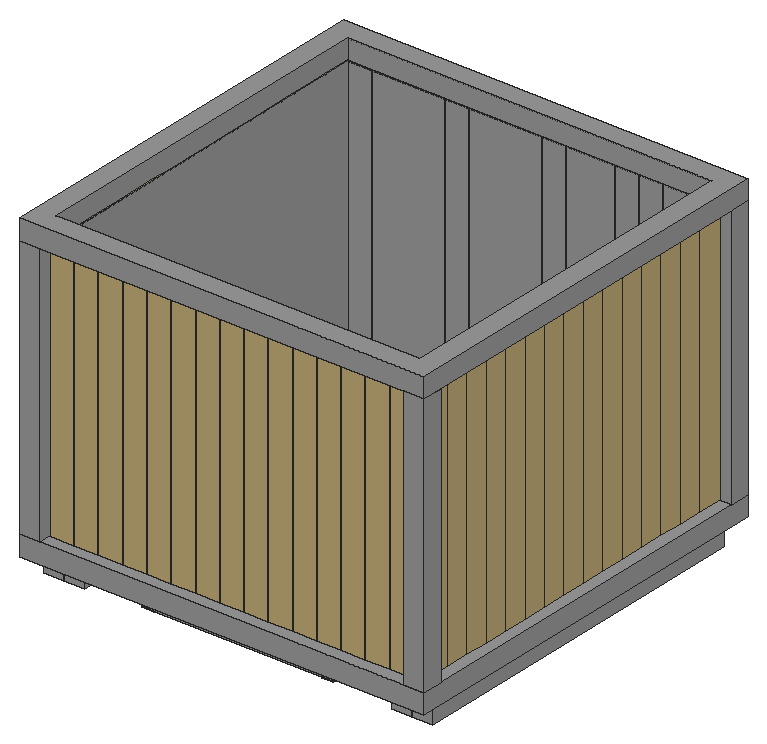
Revit family "L-FUC_식재대_YP-209_예건", category 일반 모델, Revit 2021
Family settings
  보강 철근 호스트 가능 = 아니오
  원형 커넥터 치수 = 지름 사용
  부품 유형 = 보통
  작업 기준면 기반 = 아니오
  항상 수직 = 예
  로드될 때 보이드를 사용하여 절단 = 아니오
  공유 = 아니오
  룸 계산 점 = 아니오
Parameters
  한국산업규격KS = ""
  조달청표준공사코드-세부공종 = ""
  기본 입면도 = 0 mm
  건설정보분류체계-부위분류 = "E988"
  LIM_INFO_주의사항 = "재배포, 재가공, 판매 금지"
  LIM_INFO_제품업체 = "예건"
  LIM_INFO_제품번호 = "YF-16"
  LIM_INFO_제품명 = "펜스_YF-16"
  LIM_INFO_제작일 = "20230315"
  LIM_INFO_재료 = "Hardwood, STL-pipe, STL-plate"
  LIM_INFO_업체정보 = ""
  LIM_INFO_업체URL = "https://yekun.com/"
  LIM_INFO_업체TEL = "(+82)31-943-6114"
  LIM_INFO_업체EMAIL = "yekun@yekun.com"
  LIM_INFO_버전 = "2023_V01"
  LIM_INFO_기타정보 = ""
  LIM_INFO_규격 = "W2000 x H1800"
  LIM_INFO_가격 = 0
  LIM_INFO_PV_포장재여부 = yes
  LIM_INFO_PV_면적 = 0.00 m²
  KBIMS_식별-버전 = ""
  KBIMS_식별-bSK등록번호 = ""
  KBIMS_보급정보-저작자 = "림인포테크_MMJ"
  KBIMS_보급정보-보급코드 = ""
Reference planes
  plane 1 "중심(앞/뒤)": y = 0
  plane 2: z = 0
  plane 3 "중심(왼쪽/오른쪽)": x = 0
Dimensions and locks
  aligned and locked: level to plane 2
Nested families
  nested 1: "YP-209_base" at (0, 0, 0), type "YP-209_base"
Definition of nested family "YP-209_base"
  Parameters (values of type "YP-209_base")
    Default Elevation = 0 mm
  Reference planes
    plane 1 "중심(앞/뒤)": y = 0
    plane 2: z = 0
    plane 3 "중심(왼쪽/오른쪽)": x = 0
  Forms (mm)
    Sweep 1, solid, not visible, detail levels fine
      path origin (0, 0, 0) x (1, 0, 0) y (0, 1, 0)
        loop
          circle (-1867.879, -167.062) r 568.25
      profile origin (-1867.879, 401.188, 0) x (0, -1, 0) y (0, 0, 1)
        loop
          circle (0, 0) r 28.75
        loop
          circle (0, 0) r 30.25
    Sweep 2, solid, not visible, detail levels coarse+medium
      path origin (0, 0, 0) x (1, 0, 0) y (0, 1, 0)
        loop
          circle (-1867.879, -167.062) r 568.25
      profile origin (-1867.879, 401.188, 0) x (0, -1, 0) y (0, 0, 1)
        loop
          line (26.465, -11.234) -> (26.657, 10.77) -> (11.234, 26.465) -> (-10.77, 26.657) -> (-26.465, 11.234) -> (-26.657, -10.77) -> (-11.234, -26.465) -> (10.77, -26.657) -> (26.465, -11.234)
        loop
          line (28.047, 11.332) -> (11.82, 27.845) -> (-11.332, 28.047) -> (-27.845, 11.82) -> (-28.047, -11.332) -> (-11.82, -27.845) -> (11.332, -28.047) -> (27.845, -11.82) -> (28.047, 11.332)
    Sweep 3, solid, not visible, detail levels fine
      path origin (0, 0, -1310.25) x (1, 0, 0) y (0, 1, 0)
        loop
          circle (-1867.879, -167.062) r 568.25
      profile origin (-1867.879, 401.188, -1310.25) x (0, -1, 0) y (0, 0, 1)
        loop
          circle (0, 1310.25) r 28.75
        loop
          circle (0, 1310.25) r 30.25
    Sweep 4, solid, not visible, detail levels coarse+medium
      path origin (0, 0, -1310.25) x (1, 0, 0) y (0, 1, 0)
        loop
          circle (-1867.879, -167.062) r 568.25
      profile origin (-1867.879, 401.188, -1310.25) x (0, -1, 0) y (0, 0, 1)
        loop
          line (26.465, 1299.016) -> (26.657, 1321.02) -> (11.234, 1336.715) -> (-10.77, 1336.907) -> (-26.465, 1321.484) -> (-26.657, 1299.48) -> (-11.234, 1283.785) -> (10.77, 1283.593) -> (26.465, 1299.016)
        loop
          line (28.047, 1321.582) -> (11.82, 1338.095) -> (-11.332, 1338.297) -> (-27.845, 1322.07) -> (-28.047, 1298.918) -> (-11.82, 1282.405) -> (11.332, 1282.203) -> (27.845, 1298.43) -> (28.047, 1321.582)
    Extrusion 5, solid, not visible
      sketch origin (0, 0, 0) x (1, 0, 0) y (0, 1, 0)
        loop
          line (-1678.243, -2480.024) -> (-1613.986, -2453.408)
          arc (-1613.986, -2453.408) -> (-1612.495, -2452.007) -> (-1612.304, -2449.969) r 2.893
          line (-1612.304, -2449.969) -> (-1622.315, -2413.562) -> (-1700.528, -2445.959) -> (-1681.864, -2478.781)
          arc (-1681.864, -2478.781) -> (-1680.288, -2480.087) -> (-1678.243, -2480.024) r 2.893
        loop
          line (-1517.968, -2394.568) -> (-1465.081, -2349.398)
          arc (-1465.081, -2349.398) -> (-1464.096, -2347.605) -> (-1464.544, -2345.608) r 2.893
          line (-1464.544, -2345.608) -> (-1485.315, -2314.077) -> (-1549.689, -2369.057) -> (-1521.796, -2394.505)
          arc (-1521.796, -2394.505) -> (-1519.893, -2395.26) -> (-1517.968, -2394.568) r 2.893
        loop
          line (-1391.945, -2263.766) -> (-1355.605, -2204.465)
          arc (-1355.605, -2204.465) -> (-1355.222, -2202.454) -> (-1356.265, -2200.694) r 2.893
          line (-1356.265, -2200.694) -> (-1385.763, -2177.125) -> (-1429.997, -2249.307) -> (-1395.605, -2264.89)
          arc (-1395.605, -2264.89) -> (-1393.562, -2265.02) -> (-1391.945, -2263.766) r 2.893
        loop
          line (-1312.509, -2100.424) -> (-1296.273, -2032.795)
          arc (-1296.273, -2032.795) -> (-1296.53, -2030.765) -> (-1298.067, -2029.413) r 2.893
          line (-1298.067, -2029.413) -> (-1333.404, -2016.112) -> (-1353.167, -2098.431) -> (-1315.643, -2102.623)
          arc (-1315.643, -2102.623) -> (-1313.66, -2102.116) -> (-1312.509, -2100.424) r 2.893
        loop
          line (-1287.437, -1920.529) -> (-1292.894, -1851.193)
          arc (-1292.894, -1851.193) -> (-1293.766, -1849.341) -> (-1295.645, -1848.53) r 2.893
          line (-1295.645, -1848.53) -> (-1333.364, -1846.801) -> (-1326.722, -1931.197) -> (-1289.738, -1923.589)
          arc (-1289.738, -1923.589) -> (-1288.009, -1922.494) -> (-1287.437, -1920.529) r 2.893
        loop
          line (-1319.183, -1741.691) -> (-1345.799, -1677.435)
          arc (-1345.799, -1677.435) -> (-1347.201, -1675.943) -> (-1349.238, -1675.753) r 2.893
          line (-1349.238, -1675.753) -> (-1385.645, -1685.763) -> (-1353.248, -1763.977) -> (-1320.426, -1745.312)
          arc (-1320.426, -1745.312) -> (-1319.12, -1743.736) -> (-1319.183, -1741.691) r 2.893
        loop
          line (-1404.64, -1581.416) -> (-1449.809, -1528.529)
          arc (-1449.809, -1528.529) -> (-1451.603, -1527.544) -> (-1453.6, -1527.992) r 2.893
          line (-1453.6, -1527.992) -> (-1485.131, -1548.764) -> (-1430.15, -1613.138) -> (-1404.702, -1585.244)
          arc (-1404.702, -1585.244) -> (-1403.947, -1583.342) -> (-1404.64, -1581.416) r 2.893
        loop
          line (-1535.441, -1455.393) -> (-1594.742, -1419.053)
          arc (-1594.742, -1419.053) -> (-1596.753, -1418.67) -> (-1598.513, -1419.714) r 2.893
          line (-1598.513, -1419.714) -> (-1622.083, -1449.212) -> (-1549.9, -1493.445) -> (-1534.317, -1459.053)
          arc (-1534.317, -1459.053) -> (-1534.187, -1457.01) -> (-1535.441, -1455.393) r 2.893
        loop
          line (-1698.784, -1375.958) -> (-1766.412, -1359.721)
          arc (-1766.412, -1359.721) -> (-1768.443, -1359.978) -> (-1769.795, -1361.515) r 2.893
          line (-1769.795, -1361.515) -> (-1783.095, -1396.853) -> (-1700.777, -1416.616) -> (-1696.584, -1379.091)
          arc (-1696.584, -1379.091) -> (-1697.091, -1377.108) -> (-1698.784, -1375.958) r 2.893
        loop
          line (-1878.679, -1350.886) -> (-1948.015, -1356.343)
          arc (-1948.015, -1356.343) -> (-1949.866, -1357.215) -> (-1950.677, -1359.094) r 2.893
          line (-1950.677, -1359.094) -> (-1952.406, -1396.812) -> (-1868.01, -1390.17) -> (-1875.618, -1353.187)
          arc (-1875.618, -1353.187) -> (-1876.713, -1351.457) -> (-1878.679, -1350.886) r 2.893
        loop
          line (-2057.516, -1382.632) -> (-2121.773, -1409.247)
          arc (-2121.773, -1409.247) -> (-2123.264, -1410.649) -> (-2123.455, -1412.687) r 2.893
          line (-2123.455, -1412.687) -> (-2113.444, -1449.093) -> (-2035.231, -1416.696) -> (-2053.895, -1383.874)
          arc (-2053.895, -1383.874) -> (-2055.471, -1382.568) -> (-2057.516, -1382.632) r 2.893
        loop
          line (-2217.791, -1468.088) -> (-2270.678, -1513.257)
          arc (-2270.678, -1513.257) -> (-2271.663, -1515.051) -> (-2271.215, -1517.048) r 2.893
          line (-2271.215, -1517.048) -> (-2250.444, -1548.579) -> (-2186.07, -1493.598) -> (-2213.963, -1468.15)
          arc (-2213.963, -1468.15) -> (-2215.865, -1467.395) -> (-2217.791, -1468.088) r 2.893
        loop
          line (-2343.814, -1598.889) -> (-2380.154, -1658.191)
          arc (-2380.154, -1658.191) -> (-2380.537, -1660.201) -> (-2379.494, -1661.962) r 2.893
          line (-2379.494, -1661.962) -> (-2349.996, -1685.531) -> (-2305.762, -1613.349) -> (-2340.154, -1597.766)
          arc (-2340.154, -1597.766) -> (-2342.197, -1597.635) -> (-2343.814, -1598.889) r 2.893
        loop
          line (-2437.692, -1833.243) -> (-2402.355, -1846.543) -> (-2382.592, -1764.225) -> (-2420.116, -1760.032)
          arc (-2420.116, -1760.032) -> (-2422.099, -1760.539) -> (-2423.25, -1762.232) r 2.893
          line (-2423.25, -1762.232) -> (-2439.486, -1829.861)
          arc (-2439.486, -1829.861) -> (-2439.229, -1831.891) -> (-2437.692, -1833.243) r 2.893
        loop
          line (-2440.113, -2014.125) -> (-2402.395, -2015.855) -> (-2409.037, -1931.458) -> (-2446.021, -1939.067)
          arc (-2446.021, -1939.067) -> (-2447.75, -1940.162) -> (-2448.322, -1942.127) r 2.893
          line (-2448.322, -1942.127) -> (-2442.865, -2011.463)
          arc (-2442.865, -2011.463) -> (-2441.993, -2013.314) -> (-2440.113, -2014.125) r 2.893
        loop
          line (-2386.521, -2186.903) -> (-2350.114, -2176.892) -> (-2382.511, -2098.679) -> (-2415.333, -2117.343)
          arc (-2415.333, -2117.343) -> (-2416.639, -2118.919) -> (-2416.576, -2120.965) r 2.893
          line (-2416.576, -2120.965) -> (-2389.96, -2185.221)
          arc (-2389.96, -2185.221) -> (-2388.558, -2186.712) -> (-2386.521, -2186.903) r 2.893
        loop
          line (-2282.159, -2334.663) -> (-2250.628, -2313.892) -> (-2305.609, -2249.518) -> (-2331.057, -2277.412)
          arc (-2331.057, -2277.412) -> (-2331.812, -2279.314) -> (-2331.119, -2281.24) r 2.893
          line (-2331.119, -2281.24) -> (-2285.95, -2334.126)
          arc (-2285.95, -2334.126) -> (-2284.156, -2335.112) -> (-2282.159, -2334.663) r 2.893
        loop
          line (-2137.246, -2442.942) -> (-2113.676, -2413.444) -> (-2185.859, -2369.21) -> (-2201.441, -2403.603)
          arc (-2201.441, -2403.603) -> (-2201.572, -2405.645) -> (-2200.318, -2407.263) r 2.893
          line (-2200.318, -2407.263) -> (-2141.017, -2443.603)
          arc (-2141.017, -2443.603) -> (-2139.006, -2443.986) -> (-2137.246, -2442.942) r 2.893
        loop
          line (-1965.964, -2501.141) -> (-1952.664, -2465.803) -> (-2034.982, -2446.04) -> (-2039.175, -2483.564)
          arc (-2039.175, -2483.564) -> (-2038.668, -2485.547) -> (-2036.975, -2486.698) r 2.893
          line (-2036.975, -2486.698) -> (-1969.347, -2502.934)
          arc (-1969.347, -2502.934) -> (-1967.316, -2502.677) -> (-1965.964, -2501.141) r 2.893
        loop
          line (-1785.082, -2503.562) -> (-1783.353, -2465.844) -> (-1867.749, -2472.486) -> (-1860.141, -2509.469)
          arc (-1860.141, -2509.469) -> (-1859.046, -2511.198) -> (-1857.08, -2511.77) r 2.893
          line (-1857.08, -2511.77) -> (-1787.744, -2506.313)
          arc (-1787.744, -2506.313) -> (-1785.893, -2505.441) -> (-1785.082, -2503.562) r 2.893
      from 0 to 680
    Extrusion 6, solid, not visible
      sketch origin (-326.184, 269.167, 0) x (0.987613, 0.156911, 0) y (-0.156911, 0.987613, 0)
        loop
          line (-1678.243, -2480.024) -> (-1613.986, -2453.408)
          arc (-1613.986, -2453.408) -> (-1612.495, -2452.007) -> (-1612.304, -2449.969) r 2.893
          line (-1612.304, -2449.969) -> (-1622.315, -2413.562) -> (-1700.528, -2445.959) -> (-1681.864, -2478.781)
          arc (-1681.864, -2478.781) -> (-1680.288, -2480.087) -> (-1678.243, -2480.024) r 2.893
        loop
          line (-1517.968, -2394.568) -> (-1465.081, -2349.398)
          arc (-1465.081, -2349.398) -> (-1464.096, -2347.605) -> (-1464.544, -2345.608) r 2.893
          line (-1464.544, -2345.608) -> (-1485.315, -2314.077) -> (-1549.689, -2369.057) -> (-1521.796, -2394.505)
          arc (-1521.796, -2394.505) -> (-1519.893, -2395.26) -> (-1517.968, -2394.568) r 2.893
        loop
          line (-1391.945, -2263.766) -> (-1355.605, -2204.465)
          arc (-1355.605, -2204.465) -> (-1355.222, -2202.454) -> (-1356.265, -2200.694) r 2.893
          line (-1356.265, -2200.694) -> (-1385.763, -2177.125) -> (-1429.997, -2249.307) -> (-1395.605, -2264.89)
          arc (-1395.605, -2264.89) -> (-1393.562, -2265.02) -> (-1391.945, -2263.766) r 2.893
        loop
          line (-1312.509, -2100.424) -> (-1296.273, -2032.795)
          arc (-1296.273, -2032.795) -> (-1296.53, -2030.765) -> (-1298.067, -2029.413) r 2.893
          line (-1298.067, -2029.413) -> (-1333.404, -2016.112) -> (-1353.167, -2098.431) -> (-1315.643, -2102.623)
          arc (-1315.643, -2102.623) -> (-1313.66, -2102.116) -> (-1312.509, -2100.424) r 2.893
        loop
          line (-1287.437, -1920.529) -> (-1292.894, -1851.193)
          arc (-1292.894, -1851.193) -> (-1293.766, -1849.341) -> (-1295.645, -1848.53) r 2.893
          line (-1295.645, -1848.53) -> (-1333.364, -1846.801) -> (-1326.722, -1931.197) -> (-1289.738, -1923.589)
          arc (-1289.738, -1923.589) -> (-1288.009, -1922.494) -> (-1287.437, -1920.529) r 2.893
        loop
          line (-1319.183, -1741.691) -> (-1345.799, -1677.435)
          arc (-1345.799, -1677.435) -> (-1347.201, -1675.943) -> (-1349.238, -1675.753) r 2.893
          line (-1349.238, -1675.753) -> (-1385.645, -1685.763) -> (-1353.248, -1763.977) -> (-1320.426, -1745.312)
          arc (-1320.426, -1745.312) -> (-1319.12, -1743.736) -> (-1319.183, -1741.691) r 2.893
        loop
          line (-1404.64, -1581.416) -> (-1449.809, -1528.529)
          arc (-1449.809, -1528.529) -> (-1451.603, -1527.544) -> (-1453.6, -1527.992) r 2.893
          line (-1453.6, -1527.992) -> (-1485.131, -1548.764) -> (-1430.15, -1613.138) -> (-1404.702, -1585.244)
          arc (-1404.702, -1585.244) -> (-1403.947, -1583.342) -> (-1404.64, -1581.416) r 2.893
        loop
          line (-1535.441, -1455.393) -> (-1594.742, -1419.053)
          arc (-1594.742, -1419.053) -> (-1596.753, -1418.67) -> (-1598.513, -1419.714) r 2.893
          line (-1598.513, -1419.714) -> (-1622.083, -1449.212) -> (-1549.9, -1493.445) -> (-1534.317, -1459.053)
          arc (-1534.317, -1459.053) -> (-1534.187, -1457.01) -> (-1535.441, -1455.393) r 2.893
        loop
          line (-1698.784, -1375.958) -> (-1766.412, -1359.721)
          arc (-1766.412, -1359.721) -> (-1768.443, -1359.978) -> (-1769.795, -1361.515) r 2.893
          line (-1769.795, -1361.515) -> (-1783.095, -1396.853) -> (-1700.777, -1416.616) -> (-1696.584, -1379.091)
          arc (-1696.584, -1379.091) -> (-1697.091, -1377.108) -> (-1698.784, -1375.958) r 2.893
        loop
          line (-1878.679, -1350.886) -> (-1948.015, -1356.343)
          arc (-1948.015, -1356.343) -> (-1949.866, -1357.215) -> (-1950.677, -1359.094) r 2.893
          line (-1950.677, -1359.094) -> (-1952.406, -1396.812) -> (-1868.01, -1390.17) -> (-1875.618, -1353.187)
          arc (-1875.618, -1353.187) -> (-1876.713, -1351.457) -> (-1878.679, -1350.886) r 2.893
        loop
          line (-2057.516, -1382.632) -> (-2121.773, -1409.247)
          arc (-2121.773, -1409.247) -> (-2123.264, -1410.649) -> (-2123.455, -1412.687) r 2.893
          line (-2123.455, -1412.687) -> (-2113.444, -1449.093) -> (-2035.231, -1416.696) -> (-2053.895, -1383.874)
          arc (-2053.895, -1383.874) -> (-2055.471, -1382.568) -> (-2057.516, -1382.632) r 2.893
        loop
          line (-2217.791, -1468.088) -> (-2270.678, -1513.257)
          arc (-2270.678, -1513.257) -> (-2271.663, -1515.051) -> (-2271.215, -1517.048) r 2.893
          line (-2271.215, -1517.048) -> (-2250.444, -1548.579) -> (-2186.07, -1493.598) -> (-2213.963, -1468.15)
          arc (-2213.963, -1468.15) -> (-2215.865, -1467.395) -> (-2217.791, -1468.088) r 2.893
        loop
          line (-2343.814, -1598.889) -> (-2380.154, -1658.191)
          arc (-2380.154, -1658.191) -> (-2380.537, -1660.201) -> (-2379.494, -1661.962) r 2.893
          line (-2379.494, -1661.962) -> (-2349.996, -1685.531) -> (-2305.762, -1613.349) -> (-2340.154, -1597.766)
          arc (-2340.154, -1597.766) -> (-2342.197, -1597.635) -> (-2343.814, -1598.889) r 2.893
        loop
          line (-2437.692, -1833.243) -> (-2402.355, -1846.543) -> (-2382.592, -1764.225) -> (-2420.116, -1760.032)
          arc (-2420.116, -1760.032) -> (-2422.099, -1760.539) -> (-2423.25, -1762.232) r 2.893
          line (-2423.25, -1762.232) -> (-2439.486, -1829.861)
          arc (-2439.486, -1829.861) -> (-2439.229, -1831.891) -> (-2437.692, -1833.243) r 2.893
        loop
          line (-2440.113, -2014.125) -> (-2402.395, -2015.855) -> (-2409.037, -1931.458) -> (-2446.021, -1939.067)
          arc (-2446.021, -1939.067) -> (-2447.75, -1940.162) -> (-2448.322, -1942.127) r 2.893
          line (-2448.322, -1942.127) -> (-2442.865, -2011.463)
          arc (-2442.865, -2011.463) -> (-2441.993, -2013.314) -> (-2440.113, -2014.125) r 2.893
        loop
          line (-2386.521, -2186.903) -> (-2350.114, -2176.892) -> (-2382.511, -2098.679) -> (-2415.333, -2117.343)
          arc (-2415.333, -2117.343) -> (-2416.639, -2118.919) -> (-2416.576, -2120.965) r 2.893
          line (-2416.576, -2120.965) -> (-2389.96, -2185.221)
          arc (-2389.96, -2185.221) -> (-2388.558, -2186.712) -> (-2386.521, -2186.903) r 2.893
        loop
          line (-2282.159, -2334.663) -> (-2250.628, -2313.892) -> (-2305.609, -2249.518) -> (-2331.057, -2277.412)
          arc (-2331.057, -2277.412) -> (-2331.812, -2279.314) -> (-2331.119, -2281.24) r 2.893
          line (-2331.119, -2281.24) -> (-2285.95, -2334.126)
          arc (-2285.95, -2334.126) -> (-2284.156, -2335.112) -> (-2282.159, -2334.663) r 2.893
        loop
          line (-2137.246, -2442.942) -> (-2113.676, -2413.444) -> (-2185.859, -2369.21) -> (-2201.441, -2403.603)
          arc (-2201.441, -2403.603) -> (-2201.572, -2405.645) -> (-2200.318, -2407.263) r 2.893
          line (-2200.318, -2407.263) -> (-2141.017, -2443.603)
          arc (-2141.017, -2443.603) -> (-2139.006, -2443.986) -> (-2137.246, -2442.942) r 2.893
        loop
          line (-1965.964, -2501.141) -> (-1952.664, -2465.803) -> (-2034.982, -2446.04) -> (-2039.175, -2483.564)
          arc (-2039.175, -2483.564) -> (-2038.668, -2485.547) -> (-2036.975, -2486.698) r 2.893
          line (-2036.975, -2486.698) -> (-1969.347, -2502.934)
          arc (-1969.347, -2502.934) -> (-1967.316, -2502.677) -> (-1965.964, -2501.141) r 2.893
        loop
          line (-1785.082, -2503.562) -> (-1783.353, -2465.844) -> (-1867.749, -2472.486) -> (-1860.141, -2509.469)
          arc (-1860.141, -2509.469) -> (-1859.046, -2511.198) -> (-1857.08, -2511.77) r 2.893
          line (-1857.08, -2511.77) -> (-1787.744, -2506.313)
          arc (-1787.744, -2506.313) -> (-1785.893, -2505.441) -> (-1785.082, -2503.562) r 2.893
      from 0 to 680
    Extrusion 7, solid, not visible
      sketch origin (0, 0, 0) x (1, 0, 0) y (0, 1, 0)
        loop
          circle (-1867.879, -1931.328) r 537.5
        loop
          circle (-1867.879, -1931.328) r 539.5
      from 0 to 794.31
    Sweep 8, solid, not visible, detail levels fine
      path origin (0, -1764.266, -542.405) x (1, 0, 0) y (0, 1, 0)
        loop
          circle (-1867.879, -167.062) r 568.25
      profile origin (-1867.879, -1363.078, -542.405) x (0, -1, 0) y (0, 0, 1)
        loop
          circle (0, 1310.25) r 28.75
        loop
          circle (0, 1310.25) r 30.25
    Sweep 9, solid, not visible, detail levels coarse+medium
      path origin (0, -1764.266, -542.405) x (1, 0, 0) y (0, 1, 0)
        loop
          circle (-1867.879, -167.062) r 568.25
      profile origin (-1867.879, -1363.078, -542.405) x (0, -1, 0) y (0, 0, 1)
        loop
          line (26.465, 1299.016) -> (26.657, 1321.02) -> (11.234, 1336.715) -> (-10.77, 1336.907) -> (-26.465, 1321.484) -> (-26.657, 1299.48) -> (-11.234, 1283.785) -> (10.77, 1283.593) -> (26.465, 1299.016)
        loop
          line (28.047, 1321.582) -> (11.82, 1338.095) -> (-11.332, 1338.297) -> (-27.845, 1322.07) -> (-28.047, 1298.918) -> (-11.82, 1282.405) -> (11.332, 1282.203) -> (27.845, 1298.43) -> (28.047, 1321.582)
    Sweep 10, solid, not visible, detail levels fine
      path origin (0, -1764.266, -1278.297) x (1, 0, 0) y (0, 1, 0)
        loop
          circle (-1867.879, -167.062) r 568.25
      profile origin (-1867.879, -1363.078, -1278.297) x (0, -1, 0) y (0, 0, 1)
        loop
          circle (0, 1310.25) r 28.75
        loop
          circle (0, 1310.25) r 30.25
    Sweep 11, solid, not visible, detail levels coarse+medium
      path origin (0, -1764.266, -1278.297) x (1, 0, 0) y (0, 1, 0)
        loop
          circle (-1867.879, -167.062) r 568.25
      profile origin (-1867.879, -1363.078, -1278.297) x (0, -1, 0) y (0, 0, 1)
        loop
          line (26.465, 1299.016) -> (26.657, 1321.02) -> (11.234, 1336.715) -> (-10.77, 1336.907) -> (-26.465, 1321.484) -> (-26.657, 1299.48) -> (-11.234, 1283.785) -> (10.77, 1283.593) -> (26.465, 1299.016)
        loop
          line (28.047, 1321.582) -> (11.82, 1338.095) -> (-11.332, 1338.297) -> (-27.845, 1322.07) -> (-28.047, 1298.918) -> (-11.82, 1282.405) -> (11.332, 1282.203) -> (27.845, 1298.43) -> (28.047, 1321.582)
    Extrusion 12, solid, not visible
      sketch origin (0, 0, 60) x (1, 0, 0) y (0, 1, 0)
        loop
          line (-1678.243, -2480.024) -> (-1613.986, -2453.408)
          arc (-1613.986, -2453.408) -> (-1612.495, -2452.007) -> (-1612.304, -2449.969) r 2.893
          line (-1612.304, -2449.969) -> (-1622.315, -2413.562) -> (-1700.528, -2445.959) -> (-1681.864, -2478.781)
          arc (-1681.864, -2478.781) -> (-1680.288, -2480.087) -> (-1678.243, -2480.024) r 2.893
        loop
          line (-1517.968, -2394.568) -> (-1465.081, -2349.398)
          arc (-1465.081, -2349.398) -> (-1464.096, -2347.605) -> (-1464.544, -2345.608) r 2.893
          line (-1464.544, -2345.608) -> (-1485.315, -2314.077) -> (-1549.689, -2369.057) -> (-1521.796, -2394.505)
          arc (-1521.796, -2394.505) -> (-1519.893, -2395.26) -> (-1517.968, -2394.568) r 2.893
        loop
          line (-1391.945, -2263.766) -> (-1355.605, -2204.465)
          arc (-1355.605, -2204.465) -> (-1355.222, -2202.454) -> (-1356.265, -2200.694) r 2.893
          line (-1356.265, -2200.694) -> (-1385.763, -2177.125) -> (-1429.997, -2249.307) -> (-1395.605, -2264.89)
          arc (-1395.605, -2264.89) -> (-1393.562, -2265.02) -> (-1391.945, -2263.766) r 2.893
        loop
          line (-1312.509, -2100.424) -> (-1296.273, -2032.795)
          arc (-1296.273, -2032.795) -> (-1296.53, -2030.765) -> (-1298.067, -2029.413) r 2.893
          line (-1298.067, -2029.413) -> (-1333.404, -2016.112) -> (-1353.167, -2098.431) -> (-1315.643, -2102.623)
          arc (-1315.643, -2102.623) -> (-1313.66, -2102.116) -> (-1312.509, -2100.424) r 2.893
        loop
          line (-1287.437, -1920.529) -> (-1292.894, -1851.193)
          arc (-1292.894, -1851.193) -> (-1293.766, -1849.341) -> (-1295.645, -1848.53) r 2.893
          line (-1295.645, -1848.53) -> (-1333.364, -1846.801) -> (-1326.722, -1931.197) -> (-1289.738, -1923.589)
          arc (-1289.738, -1923.589) -> (-1288.009, -1922.494) -> (-1287.437, -1920.529) r 2.893
        loop
          line (-1319.183, -1741.691) -> (-1345.799, -1677.435)
          arc (-1345.799, -1677.435) -> (-1347.201, -1675.943) -> (-1349.238, -1675.753) r 2.893
          line (-1349.238, -1675.753) -> (-1385.645, -1685.763) -> (-1353.248, -1763.977) -> (-1320.426, -1745.312)
          arc (-1320.426, -1745.312) -> (-1319.12, -1743.736) -> (-1319.183, -1741.691) r 2.893
        loop
          line (-1404.64, -1581.416) -> (-1449.809, -1528.529)
          arc (-1449.809, -1528.529) -> (-1451.603, -1527.544) -> (-1453.6, -1527.992) r 2.893
          line (-1453.6, -1527.992) -> (-1485.131, -1548.764) -> (-1430.15, -1613.138) -> (-1404.702, -1585.244)
          arc (-1404.702, -1585.244) -> (-1403.947, -1583.342) -> (-1404.64, -1581.416) r 2.893
        loop
          line (-1535.441, -1455.393) -> (-1594.742, -1419.053)
          arc (-1594.742, -1419.053) -> (-1596.753, -1418.67) -> (-1598.513, -1419.714) r 2.893
          line (-1598.513, -1419.714) -> (-1622.083, -1449.212) -> (-1549.9, -1493.445) -> (-1534.317, -1459.053)
          arc (-1534.317, -1459.053) -> (-1534.187, -1457.01) -> (-1535.441, -1455.393) r 2.893
        loop
          line (-1698.784, -1375.958) -> (-1766.412, -1359.721)
          arc (-1766.412, -1359.721) -> (-1768.443, -1359.978) -> (-1769.795, -1361.515) r 2.893
          line (-1769.795, -1361.515) -> (-1783.095, -1396.853) -> (-1700.777, -1416.616) -> (-1696.584, -1379.091)
          arc (-1696.584, -1379.091) -> (-1697.091, -1377.108) -> (-1698.784, -1375.958) r 2.893
        loop
          line (-1878.679, -1350.886) -> (-1948.015, -1356.343)
          arc (-1948.015, -1356.343) -> (-1949.866, -1357.215) -> (-1950.677, -1359.094) r 2.893
          line (-1950.677, -1359.094) -> (-1952.406, -1396.812) -> (-1868.01, -1390.17) -> (-1875.618, -1353.187)
          arc (-1875.618, -1353.187) -> (-1876.713, -1351.457) -> (-1878.679, -1350.886) r 2.893
        loop
          line (-2057.516, -1382.632) -> (-2121.773, -1409.247)
          arc (-2121.773, -1409.247) -> (-2123.264, -1410.649) -> (-2123.455, -1412.687) r 2.893
          line (-2123.455, -1412.687) -> (-2113.444, -1449.093) -> (-2035.231, -1416.696) -> (-2053.895, -1383.874)
          arc (-2053.895, -1383.874) -> (-2055.471, -1382.568) -> (-2057.516, -1382.632) r 2.893
        loop
          line (-2217.791, -1468.088) -> (-2270.678, -1513.257)
          arc (-2270.678, -1513.257) -> (-2271.663, -1515.051) -> (-2271.215, -1517.048) r 2.893
          line (-2271.215, -1517.048) -> (-2250.444, -1548.579) -> (-2186.07, -1493.598) -> (-2213.963, -1468.15)
          arc (-2213.963, -1468.15) -> (-2215.865, -1467.395) -> (-2217.791, -1468.088) r 2.893
        loop
          line (-2343.814, -1598.889) -> (-2380.154, -1658.191)
          arc (-2380.154, -1658.191) -> (-2380.537, -1660.201) -> (-2379.494, -1661.962) r 2.893
          line (-2379.494, -1661.962) -> (-2349.996, -1685.531) -> (-2305.762, -1613.349) -> (-2340.154, -1597.766)
          arc (-2340.154, -1597.766) -> (-2342.197, -1597.635) -> (-2343.814, -1598.889) r 2.893
        loop
          line (-2437.692, -1833.243) -> (-2402.355, -1846.543) -> (-2382.592, -1764.225) -> (-2420.116, -1760.032)
          arc (-2420.116, -1760.032) -> (-2422.099, -1760.539) -> (-2423.25, -1762.232) r 2.893
          line (-2423.25, -1762.232) -> (-2439.486, -1829.861)
          arc (-2439.486, -1829.861) -> (-2439.229, -1831.891) -> (-2437.692, -1833.243) r 2.893
        loop
          line (-2440.113, -2014.125) -> (-2402.395, -2015.855) -> (-2409.037, -1931.458) -> (-2446.021, -1939.067)
          arc (-2446.021, -1939.067) -> (-2447.75, -1940.162) -> (-2448.322, -1942.127) r 2.893
          line (-2448.322, -1942.127) -> (-2442.865, -2011.463)
          arc (-2442.865, -2011.463) -> (-2441.993, -2013.314) -> (-2440.113, -2014.125) r 2.893
        loop
          line (-2386.521, -2186.903) -> (-2350.114, -2176.892) -> (-2382.511, -2098.679) -> (-2415.333, -2117.343)
          arc (-2415.333, -2117.343) -> (-2416.639, -2118.919) -> (-2416.576, -2120.965) r 2.893
          line (-2416.576, -2120.965) -> (-2389.96, -2185.221)
          arc (-2389.96, -2185.221) -> (-2388.558, -2186.712) -> (-2386.521, -2186.903) r 2.893
        loop
          line (-2282.159, -2334.663) -> (-2250.628, -2313.892) -> (-2305.609, -2249.518) -> (-2331.057, -2277.412)
          arc (-2331.057, -2277.412) -> (-2331.812, -2279.314) -> (-2331.119, -2281.24) r 2.893
          line (-2331.119, -2281.24) -> (-2285.95, -2334.126)
          arc (-2285.95, -2334.126) -> (-2284.156, -2335.112) -> (-2282.159, -2334.663) r 2.893
        loop
          line (-2137.246, -2442.942) -> (-2113.676, -2413.444) -> (-2185.859, -2369.21) -> (-2201.441, -2403.603)
          arc (-2201.441, -2403.603) -> (-2201.572, -2405.645) -> (-2200.318, -2407.263) r 2.893
          line (-2200.318, -2407.263) -> (-2141.017, -2443.603)
          arc (-2141.017, -2443.603) -> (-2139.006, -2443.986) -> (-2137.246, -2442.942) r 2.893
        loop
          line (-1965.964, -2501.141) -> (-1952.664, -2465.803) -> (-2034.982, -2446.04) -> (-2039.175, -2483.564)
          arc (-2039.175, -2483.564) -> (-2038.668, -2485.547) -> (-2036.975, -2486.698) r 2.893
          line (-2036.975, -2486.698) -> (-1969.347, -2502.934)
          arc (-1969.347, -2502.934) -> (-1967.316, -2502.677) -> (-1965.964, -2501.141) r 2.893
        loop
          line (-1785.082, -2503.562) -> (-1783.353, -2465.844) -> (-1867.749, -2472.486) -> (-1860.141, -2509.469)
          arc (-1860.141, -2509.469) -> (-1859.046, -2511.198) -> (-1857.08, -2511.77) r 2.893
          line (-1857.08, -2511.77) -> (-1787.744, -2506.313)
          arc (-1787.744, -2506.313) -> (-1785.893, -2505.441) -> (-1785.082, -2503.562) r 2.893
      from 0 to 680
    Extrusion 13, solid, not visible
      sketch origin (-326.184, 269.167, 60) x (0.987613, 0.156911, 0) y (-0.156911, 0.987613, 0)
        loop
          line (-1678.243, -2480.024) -> (-1613.986, -2453.408)
          arc (-1613.986, -2453.408) -> (-1612.495, -2452.007) -> (-1612.304, -2449.969) r 2.893
          line (-1612.304, -2449.969) -> (-1622.315, -2413.562) -> (-1700.528, -2445.959) -> (-1681.864, -2478.781)
          arc (-1681.864, -2478.781) -> (-1680.288, -2480.087) -> (-1678.243, -2480.024) r 2.893
        loop
          line (-1517.968, -2394.568) -> (-1465.081, -2349.398)
          arc (-1465.081, -2349.398) -> (-1464.096, -2347.605) -> (-1464.544, -2345.608) r 2.893
          line (-1464.544, -2345.608) -> (-1485.315, -2314.077) -> (-1549.689, -2369.057) -> (-1521.796, -2394.505)
          arc (-1521.796, -2394.505) -> (-1519.893, -2395.26) -> (-1517.968, -2394.568) r 2.893
        loop
          line (-1391.945, -2263.766) -> (-1355.605, -2204.465)
          arc (-1355.605, -2204.465) -> (-1355.222, -2202.454) -> (-1356.265, -2200.694) r 2.893
          line (-1356.265, -2200.694) -> (-1385.763, -2177.125) -> (-1429.997, -2249.307) -> (-1395.605, -2264.89)
          arc (-1395.605, -2264.89) -> (-1393.562, -2265.02) -> (-1391.945, -2263.766) r 2.893
        loop
          line (-1312.509, -2100.424) -> (-1296.273, -2032.795)
          arc (-1296.273, -2032.795) -> (-1296.53, -2030.765) -> (-1298.067, -2029.413) r 2.893
          line (-1298.067, -2029.413) -> (-1333.404, -2016.112) -> (-1353.167, -2098.431) -> (-1315.643, -2102.623)
          arc (-1315.643, -2102.623) -> (-1313.66, -2102.116) -> (-1312.509, -2100.424) r 2.893
        loop
          line (-1287.437, -1920.529) -> (-1292.894, -1851.193)
          arc (-1292.894, -1851.193) -> (-1293.766, -1849.341) -> (-1295.645, -1848.53) r 2.893
          line (-1295.645, -1848.53) -> (-1333.364, -1846.801) -> (-1326.722, -1931.197) -> (-1289.738, -1923.589)
          arc (-1289.738, -1923.589) -> (-1288.009, -1922.494) -> (-1287.437, -1920.529) r 2.893
        loop
          line (-1319.183, -1741.691) -> (-1345.799, -1677.435)
          arc (-1345.799, -1677.435) -> (-1347.201, -1675.943) -> (-1349.238, -1675.753) r 2.893
          line (-1349.238, -1675.753) -> (-1385.645, -1685.763) -> (-1353.248, -1763.977) -> (-1320.426, -1745.312)
          arc (-1320.426, -1745.312) -> (-1319.12, -1743.736) -> (-1319.183, -1741.691) r 2.893
        loop
          line (-1404.64, -1581.416) -> (-1449.809, -1528.529)
          arc (-1449.809, -1528.529) -> (-1451.603, -1527.544) -> (-1453.6, -1527.992) r 2.893
          line (-1453.6, -1527.992) -> (-1485.131, -1548.764) -> (-1430.15, -1613.138) -> (-1404.702, -1585.244)
          arc (-1404.702, -1585.244) -> (-1403.947, -1583.342) -> (-1404.64, -1581.416) r 2.893
        loop
          line (-1535.441, -1455.393) -> (-1594.742, -1419.053)
          arc (-1594.742, -1419.053) -> (-1596.753, -1418.67) -> (-1598.513, -1419.714) r 2.893
          line (-1598.513, -1419.714) -> (-1622.083, -1449.212) -> (-1549.9, -1493.445) -> (-1534.317, -1459.053)
          arc (-1534.317, -1459.053) -> (-1534.187, -1457.01) -> (-1535.441, -1455.393) r 2.893
        loop
          line (-1698.784, -1375.958) -> (-1766.412, -1359.721)
          arc (-1766.412, -1359.721) -> (-1768.443, -1359.978) -> (-1769.795, -1361.515) r 2.893
          line (-1769.795, -1361.515) -> (-1783.095, -1396.853) -> (-1700.777, -1416.616) -> (-1696.584, -1379.091)
          arc (-1696.584, -1379.091) -> (-1697.091, -1377.108) -> (-1698.784, -1375.958) r 2.893
        loop
          line (-1878.679, -1350.886) -> (-1948.015, -1356.343)
          arc (-1948.015, -1356.343) -> (-1949.866, -1357.215) -> (-1950.677, -1359.094) r 2.893
          line (-1950.677, -1359.094) -> (-1952.406, -1396.812) -> (-1868.01, -1390.17) -> (-1875.618, -1353.187)
          arc (-1875.618, -1353.187) -> (-1876.713, -1351.457) -> (-1878.679, -1350.886) r 2.893
        loop
          line (-2057.516, -1382.632) -> (-2121.773, -1409.247)
          arc (-2121.773, -1409.247) -> (-2123.264, -1410.649) -> (-2123.455, -1412.687) r 2.893
          line (-2123.455, -1412.687) -> (-2113.444, -1449.093) -> (-2035.231, -1416.696) -> (-2053.895, -1383.874)
          arc (-2053.895, -1383.874) -> (-2055.471, -1382.568) -> (-2057.516, -1382.632) r 2.893
        loop
          line (-2217.791, -1468.088) -> (-2270.678, -1513.257)
          arc (-2270.678, -1513.257) -> (-2271.663, -1515.051) -> (-2271.215, -1517.048) r 2.893
          line (-2271.215, -1517.048) -> (-2250.444, -1548.579) -> (-2186.07, -1493.598) -> (-2213.963, -1468.15)
          arc (-2213.963, -1468.15) -> (-2215.865, -1467.395) -> (-2217.791, -1468.088) r 2.893
        loop
          line (-2343.814, -1598.889) -> (-2380.154, -1658.191)
          arc (-2380.154, -1658.191) -> (-2380.537, -1660.201) -> (-2379.494, -1661.962) r 2.893
          line (-2379.494, -1661.962) -> (-2349.996, -1685.531) -> (-2305.762, -1613.349) -> (-2340.154, -1597.766)
          arc (-2340.154, -1597.766) -> (-2342.197, -1597.635) -> (-2343.814, -1598.889) r 2.893
        loop
          line (-2437.692, -1833.243) -> (-2402.355, -1846.543) -> (-2382.592, -1764.225) -> (-2420.116, -1760.032)
          arc (-2420.116, -1760.032) -> (-2422.099, -1760.539) -> (-2423.25, -1762.232) r 2.893
          line (-2423.25, -1762.232) -> (-2439.486, -1829.861)
          arc (-2439.486, -1829.861) -> (-2439.229, -1831.891) -> (-2437.692, -1833.243) r 2.893
        loop
          line (-2440.113, -2014.125) -> (-2402.395, -2015.855) -> (-2409.037, -1931.458) -> (-2446.021, -1939.067)
          arc (-2446.021, -1939.067) -> (-2447.75, -1940.162) -> (-2448.322, -1942.127) r 2.893
          line (-2448.322, -1942.127) -> (-2442.865, -2011.463)
          arc (-2442.865, -2011.463) -> (-2441.993, -2013.314) -> (-2440.113, -2014.125) r 2.893
        loop
          line (-2386.521, -2186.903) -> (-2350.114, -2176.892) -> (-2382.511, -2098.679) -> (-2415.333, -2117.343)
          arc (-2415.333, -2117.343) -> (-2416.639, -2118.919) -> (-2416.576, -2120.965) r 2.893
          line (-2416.576, -2120.965) -> (-2389.96, -2185.221)
          arc (-2389.96, -2185.221) -> (-2388.558, -2186.712) -> (-2386.521, -2186.903) r 2.893
        loop
          line (-2282.159, -2334.663) -> (-2250.628, -2313.892) -> (-2305.609, -2249.518) -> (-2331.057, -2277.412)
          arc (-2331.057, -2277.412) -> (-2331.812, -2279.314) -> (-2331.119, -2281.24) r 2.893
          line (-2331.119, -2281.24) -> (-2285.95, -2334.126)
          arc (-2285.95, -2334.126) -> (-2284.156, -2335.112) -> (-2282.159, -2334.663) r 2.893
        loop
          line (-2137.246, -2442.942) -> (-2113.676, -2413.444) -> (-2185.859, -2369.21) -> (-2201.441, -2403.603)
          arc (-2201.441, -2403.603) -> (-2201.572, -2405.645) -> (-2200.318, -2407.263) r 2.893
          line (-2200.318, -2407.263) -> (-2141.017, -2443.603)
          arc (-2141.017, -2443.603) -> (-2139.006, -2443.986) -> (-2137.246, -2442.942) r 2.893
        loop
          line (-1965.964, -2501.141) -> (-1952.664, -2465.803) -> (-2034.982, -2446.04) -> (-2039.175, -2483.564)
          arc (-2039.175, -2483.564) -> (-2038.668, -2485.547) -> (-2036.975, -2486.698) r 2.893
          line (-2036.975, -2486.698) -> (-1969.347, -2502.934)
          arc (-1969.347, -2502.934) -> (-1967.316, -2502.677) -> (-1965.964, -2501.141) r 2.893
        loop
          line (-1785.082, -2503.562) -> (-1783.353, -2465.844) -> (-1867.749, -2472.486) -> (-1860.141, -2509.469)
          arc (-1860.141, -2509.469) -> (-1859.046, -2511.198) -> (-1857.08, -2511.77) r 2.893
          line (-1857.08, -2511.77) -> (-1787.744, -2506.313)
          arc (-1787.744, -2506.313) -> (-1785.893, -2505.441) -> (-1785.082, -2503.562) r 2.893
      from 0 to 680
    Extrusion 14, solid, not visible
      sketch origin (0, -1764.266, 4.107) x (1, 0, 0) y (0, 1, 0)
        loop
          arc (-2404.542, -137.062) -> (-2405.379, -167.062) -> (-2404.542, -197.062) r 537.5
          line (-2404.542, -197.062) -> (-1331.217, -197.062)
          arc (-1331.217, -197.062) -> (-1330.379, -167.062) -> (-1331.217, -137.062) r 537.5
          line (-1331.217, -137.062) -> (-2404.542, -137.062)
      from 0 to 40
    Extrusion 15, solid, not visible
      sketch origin (-2034.942, -63.448, 4.107) x (0, 1, 0) y (-1, 0, 0)
        loop
          arc (-2404.542, -137.062) -> (-2405.379, -167.062) -> (-2404.542, -197.062) r 537.5
          line (-2404.542, -197.062) -> (-1331.217, -197.062)
          arc (-1331.217, -197.062) -> (-1330.379, -167.062) -> (-1331.217, -137.062) r 537.5
          line (-1331.217, -137.062) -> (-2404.542, -137.062)
      from 0 to 40
    Extrusion 16, solid, not visible
      sketch origin (0, -1764.266, 44.107) x (1, 0, 0) y (0, 1, 0)
        loop
          circle (-1867.879, -167.062) r 537.5
        loop
          circle (-2080.012, -379.194) r 10
        loop
          circle (-1655.747, -379.194) r 10
        loop
          circle (-1655.747, 45.07) r 10
        loop
          circle (-2080.012, 45.07) r 10
      from 0 to 1.2
    Extrusion 17, solid, detail levels fine
      sketch origin (-200.196, -91.514, 750) x (1, 0, 0) y (0, 1, 0)
        loop
          line (200.196, 91.514) -> (1200.196, 91.514) -> (1200.196, 1091.514) -> (200.196, 1091.514) -> (200.196, 91.514)
        loop
          line (250.196, 1041.514) -> (250.196, 141.514) -> (1150.196, 141.514) -> (1150.196, 1041.514) -> (250.196, 1041.514)
      from 0 to 50
    Extrusion 18, solid, detail levels fine
      sketch origin (-200.196, -91.514, 50) x (1, 0, 0) y (0, 1, 0)
        loop
          line (200.196, 91.514) -> (1200.196, 91.514) -> (1200.196, 1091.514) -> (200.196, 1091.514) -> (200.196, 91.514)
        loop
          line (250.196, 1041.514) -> (250.196, 141.514) -> (1150.196, 141.514) -> (1150.196, 1041.514) -> (250.196, 1041.514)
      from 0 to 50
    Extrusion 19, solid, detail levels fine
      sketch origin (-200.196, 50, 50) x (1, 0, 0) y (0, 0, 1)
        loop
          line (200.196, 700) -> (200.196, 50) -> (250.196, 50) -> (250.196, 700) -> (200.196, 700)
      from 0 to 50
    Extrusion 20, solid, detail levels fine
      sketch origin (-200.196, 1000, 50) x (1, 0, 0) y (0, 0, 1)
        loop
          line (200.196, 700) -> (200.196, 50) -> (250.196, 50) -> (250.196, 700) -> (200.196, 700)
      from 0 to 50
    Extrusion 21, solid, detail levels fine
      sketch origin (749.804, 1000, 50) x (1, 0, 0) y (0, 0, 1)
        loop
          line (200.196, 700) -> (200.196, 50) -> (250.196, 50) -> (250.196, 700) -> (200.196, 700)
      from 0 to 50
    Extrusion 22, solid, detail levels fine
      sketch origin (749.804, 50, 50) x (1, 0, 0) y (0, 0, 1)
        loop
          line (200.196, 700) -> (200.196, 50) -> (250.196, 50) -> (250.196, 700) -> (200.196, 700)
      from 0 to 50
    Extrusion 23, solid, detail levels fine
      sketch origin (-200.196, -90.826, 100) x (1, 0, 0) y (0, 1, 0)
        loop
          line (1150.196, 1042.026) -> (250.196, 1042.026) -> (250.196, 142.026) -> (1150.196, 142.026) -> (1150.196, 1042.026)
        loop
          line (251.396, 1040.826) -> (251.396, 143.226) -> (1148.996, 143.226) -> (1148.996, 1040.826) -> (251.396, 1040.826)
      from 0 to 650
    Extrusion 24, solid, detail levels fine
      sketch origin (-200.196, -92.026, 50) x (1, 0, 0) y (0, 1, 0)
        loop
          line (250.196, 142.026) -> (1150.196, 142.026) -> (1150.196, 1042.026) -> (250.196, 1042.026) -> (250.196, 142.026)
        loop
          circle (551.396, 740.826) r 5
        loop
          circle (848.996, 740.826) r 5
        loop
          circle (551.396, 440.826) r 5
        loop
          circle (848.996, 440.826) r 5
      from 0 to 50
    Extrusion 25, solid, detail levels fine
      sketch origin (-200.196, 950, 50) x (1, 0, 0) y (0, 0, 1)
        loop
          line (220.196, 0) -> (220.196, -50) -> (270.196, -50) -> (270.196, 0) -> (220.196, 0)
      from 0 to 900
    Extrusion 26, solid, detail levels fine
      sketch origin (-150.196, 950, 50) x (1, 0, 0) y (0, 0, 1)
        loop
          line (220.196, 0) -> (220.196, -50) -> (270.196, -50) -> (270.196, 0) -> (220.196, 0)
      from 0 to 900
    Extrusion 27, solid, detail levels fine
      sketch origin (709.804, 950, 50) x (1, 0, 0) y (0, 0, 1)
        loop
          line (220.196, 0) -> (220.196, -50) -> (270.196, -50) -> (270.196, 0) -> (220.196, 0)
      from 0 to 900
    Extrusion 28, solid, detail levels fine
      sketch origin (659.804, 950, 50) x (1, 0, 0) y (0, 0, 1)
        loop
          line (220.196, 0) -> (220.196, -50) -> (270.196, -50) -> (270.196, 0) -> (220.196, 0)
      from 0 to 900
    Extrusion 29, solid, detail levels fine
      sketch origin (-200.196, 950, 50) x (1, 0, 0) y (0, 0, 1)
        loop
          line (462.996, -1.2) -> (462.996, -41.2) -> (494.196, -41.2) -> (494.196, -40) -> (464.196, -40) -> (464.196, 0) -> (434.196, 0) -> (434.196, -1.2) -> (462.996, -1.2)
        loop
          line (936.196, -40) -> (906.196, -40) -> (906.196, -41.2) -> (937.396, -41.2) -> (937.396, -1.2) -> (966.196, -1.2) -> (966.196, 0) -> (936.196, 0) -> (936.196, -40)
      from 0 to 900
    Extrusion 30, solid, detail levels fine
      sketch origin (639.804, 50, 50) x (1, 0, 0) y (0, 0, 1)
        loop
          line (250.196, 700) -> (250.196, 50) -> (310.196, 50) -> (310.196, 700) -> (250.196, 700)
      from 0 to 20
    Extrusion 31, solid, detail levels fine
      sketch origin (-200.196, -92.026, 40) x (1, 0, 0) y (0, 1, 0)
        loop
          line (471.196, 1040.826) -> (471.196, 143.226) -> (929.196, 143.226) -> (929.196, 1040.826) -> (471.196, 1040.826)
      from -28 to -30
    Extrusion 32, solid, detail levels fine
      sketch origin (-200.196, -92.026, 40) x (1, 0, 0) y (0, 1, 0)
        loop
          line (471.196, 143.226) -> (929.196, 143.226) -> (929.196, 1040.826) -> (471.196, 1040.826) -> (471.196, 143.226)
        loop
          line (469.196, 142.026) -> (931.196, 142.026) -> (931.196, 1042.026) -> (469.196, 1042.026) -> (469.196, 142.026)
      from 0 to -30
    Extrusion 33, solid, not visible
      sketch origin (0, 142.026, 0) x (1, 0, 0) y (0, 0, 1)
        loop
          line (250.196, 700) -> (250.196, 50) -> (310.196, 50) -> (310.196, 700) -> (250.196, 700)
      from 0 to 20
    Extrusion 34, solid, detail levels coarse+medium
      sketch origin (-200.196, -91.514, 750) x (1, 0, 0) y (0, 1, 0)
        loop
          line (200.196, 91.514) -> (1200.196, 91.514) -> (1200.196, 1091.514) -> (200.196, 1091.514) -> (200.196, 91.514)
        loop
          line (250.196, 1041.514) -> (250.196, 141.514) -> (1150.196, 141.514) -> (1150.196, 1041.514) -> (250.196, 1041.514)
      from 0 to 50
    Extrusion 35, solid, detail levels coarse+medium
      sketch origin (-200.196, -91.514, 50) x (1, 0, 0) y (0, 1, 0)
        loop
          line (200.196, 91.514) -> (1200.196, 91.514) -> (1200.196, 1091.514) -> (200.196, 1091.514) -> (200.196, 91.514)
        loop
          line (250.196, 1041.514) -> (250.196, 141.514) -> (1150.196, 141.514) -> (1150.196, 1041.514) -> (250.196, 1041.514)
      from 0 to 50
    Extrusion 36, solid, detail levels coarse+medium
      sketch origin (-200.196, 50, 50) x (1, 0, 0) y (0, 0, 1)
        loop
          line (200.196, 700) -> (200.196, 50) -> (250.196, 50) -> (250.196, 700) -> (200.196, 700)
      from 0 to 50
    Extrusion 37, solid, detail levels coarse+medium
      sketch origin (-200.196, 1000, 50) x (1, 0, 0) y (0, 0, 1)
        loop
          line (200.196, 700) -> (200.196, 50) -> (250.196, 50) -> (250.196, 700) -> (200.196, 700)
      from 0 to 50
    Extrusion 38, solid, detail levels coarse+medium
      sketch origin (749.804, 1000, 50) x (1, 0, 0) y (0, 0, 1)
        loop
          line (200.196, 700) -> (200.196, 50) -> (250.196, 50) -> (250.196, 700) -> (200.196, 700)
      from 0 to 50
    Extrusion 39, solid, detail levels coarse+medium
      sketch origin (749.804, 50, 50) x (1, 0, 0) y (0, 0, 1)
        loop
          line (200.196, 700) -> (200.196, 50) -> (250.196, 50) -> (250.196, 700) -> (200.196, 700)
      from 0 to 50
    Extrusion 40, solid, detail levels coarse+medium
      sketch origin (-200.196, -90.826, 100) x (1, 0, 0) y (0, 1, 0)
        loop
          line (1150.196, 1042.026) -> (250.196, 1042.026) -> (250.196, 142.026) -> (1150.196, 142.026) -> (1150.196, 1042.026)
        loop
          line (251.396, 1040.826) -> (251.396, 143.226) -> (1148.996, 143.226) -> (1148.996, 1040.826) -> (251.396, 1040.826)
      from 0 to 650
    Extrusion 41, solid, detail levels coarse+medium
      sketch origin (-200.196, -92.026, 50) x (1, 0, 0) y (0, 1, 0)
        loop
          line (250.196, 142.026) -> (1150.196, 142.026) -> (1150.196, 1042.026) -> (250.196, 1042.026) -> (250.196, 142.026)
        loop
          circle (551.396, 740.826) r 5
        loop
          circle (848.996, 740.826) r 5
        loop
          circle (551.396, 440.826) r 5
        loop
          circle (848.996, 440.826) r 5
      from 0 to 50
    Extrusion 42, solid, detail levels coarse+medium
      sketch origin (-200.196, 950, 50) x (1, 0, 0) y (0, 0, 1)
        loop
          line (220.196, 0) -> (220.196, -50) -> (270.196, -50) -> (270.196, 0) -> (220.196, 0)
      from 0 to 900
    Extrusion 43, solid, detail levels coarse+medium
      sketch origin (-150.196, 950, 50) x (1, 0, 0) y (0, 0, 1)
        loop
          line (220.196, 0) -> (220.196, -50) -> (270.196, -50) -> (270.196, 0) -> (220.196, 0)
      from 0 to 900
    Extrusion 44, solid, detail levels coarse+medium
      sketch origin (709.804, 950, 50) x (1, 0, 0) y (0, 0, 1)
        loop
          line (220.196, 0) -> (220.196, -50) -> (270.196, -50) -> (270.196, 0) -> (220.196, 0)
      from 0 to 900
    Extrusion 45, solid, detail levels coarse+medium
      sketch origin (659.804, 950, 50) x (1, 0, 0) y (0, 0, 1)
        loop
          line (220.196, 0) -> (220.196, -50) -> (270.196, -50) -> (270.196, 0) -> (220.196, 0)
      from 0 to 900
    Extrusion 46, solid, detail levels coarse+medium
      sketch origin (639.804, 50, 50) x (1, 0, 0) y (0, 0, 1)
        loop
          line (-589.804, 700) -> (-589.804, 50) -> (310.196, 50) -> (310.196, 700) -> (-589.804, 700)
      from 0 to 20
    Extrusion 47, solid, detail levels fine
      sketch origin (579.804, 50, 50) x (1, 0, 0) y (0, 0, 1)
        loop
          line (250.196, 700) -> (250.196, 50) -> (310.196, 50) -> (310.196, 700) -> (250.196, 700)
      from 0 to 20
    Extrusion 48, solid, detail levels fine
      sketch origin (519.804, 50, 50) x (1, 0, 0) y (0, 0, 1)
        loop
          line (250.196, 700) -> (250.196, 50) -> (310.196, 50) -> (310.196, 700) -> (250.196, 700)
      from 0 to 20
    Extrusion 49, solid, detail levels fine
      sketch origin (459.804, 50, 50) x (1, 0, 0) y (0, 0, 1)
        loop
          line (250.196, 700) -> (250.196, 50) -> (310.196, 50) -> (310.196, 700) -> (250.196, 700)
      from 0 to 20
    Extrusion 50, solid, detail levels fine
      sketch origin (399.804, 50, 50) x (1, 0, 0) y (0, 0, 1)
        loop
          line (250.196, 700) -> (250.196, 50) -> (310.196, 50) -> (310.196, 700) -> (250.196, 700)
      from 0 to 20
    Extrusion 51, solid, detail levels fine
      sketch origin (339.804, 50, 50) x (1, 0, 0) y (0, 0, 1)
        loop
          line (250.196, 700) -> (250.196, 50) -> (310.196, 50) -> (310.196, 700) -> (250.196, 700)
      from 0 to 20
    Extrusion 52, solid, detail levels fine
      sketch origin (279.804, 50, 50) x (1, 0, 0) y (0, 0, 1)
        loop
          line (250.196, 700) -> (250.196, 50) -> (310.196, 50) -> (310.196, 700) -> (250.196, 700)
      from 0 to 20
    Extrusion 53, solid, detail levels fine
      sketch origin (219.804, 50, 50) x (1, 0, 0) y (0, 0, 1)
        loop
          line (250.196, 700) -> (250.196, 50) -> (310.196, 50) -> (310.196, 700) -> (250.196, 700)
      from 0 to 20
    Extrusion 54, solid, detail levels fine
      sketch origin (159.804, 50, 50) x (1, 0, 0) y (0, 0, 1)
        loop
          line (250.196, 700) -> (250.196, 50) -> (310.196, 50) -> (310.196, 700) -> (250.196, 700)
      from 0 to 20
    Extrusion 55, solid, detail levels fine
      sketch origin (99.804, 50, 50) x (1, 0, 0) y (0, 0, 1)
        loop
          line (250.196, 700) -> (250.196, 50) -> (310.196, 50) -> (310.196, 700) -> (250.196, 700)
      from 0 to 20
    Extrusion 56, solid, detail levels fine
      sketch origin (39.804, 50, 50) x (1, 0, 0) y (0, 0, 1)
        loop
          line (250.196, 700) -> (250.196, 50) -> (310.196, 50) -> (310.196, 700) -> (250.196, 700)
      from 0 to 20
    Extrusion 57, solid, detail levels fine
      sketch origin (-20.196, 50, 50) x (1, 0, 0) y (0, 0, 1)
        loop
          line (250.196, 700) -> (250.196, 50) -> (310.196, 50) -> (310.196, 700) -> (250.196, 700)
      from 0 to 20
    Extrusion 58, solid, detail levels fine
      sketch origin (-80.196, 50, 50) x (1, 0, 0) y (0, 0, 1)
        loop
          line (250.196, 700) -> (250.196, 50) -> (310.196, 50) -> (310.196, 700) -> (250.196, 700)
      from 0 to 20
    Extrusion 59, solid, detail levels fine
      sketch origin (-140.196, 50, 50) x (1, 0, 0) y (0, 0, 1)
        loop
          line (250.196, 700) -> (250.196, 50) -> (310.196, 50) -> (310.196, 700) -> (250.196, 700)
      from 0 to 20
    Extrusion 60, solid, detail levels fine
      sketch origin (-200.196, 50, 50) x (1, 0, 0) y (0, 0, 1)
        loop
          line (250.196, 700) -> (250.196, 50) -> (310.196, 50) -> (310.196, 700) -> (250.196, 700)
      from 0 to 20
    Extrusion 61, solid, detail levels fine
      sketch origin (639.804, 971.2, 50) x (1, 0, 0) y (0, 0, 1)
        loop
          line (250.196, 700) -> (250.196, 50) -> (310.196, 50) -> (310.196, 700) -> (250.196, 700)
      from 0 to 20
    Extrusion 62, solid, detail levels fine
      sketch origin (579.804, 971.2, 50) x (1, 0, 0) y (0, 0, 1)
        loop
          line (250.196, 700) -> (250.196, 50) -> (310.196, 50) -> (310.196, 700) -> (250.196, 700)
      from 0 to 20
    Extrusion 63, solid, detail levels fine
      sketch origin (519.804, 971.2, 50) x (1, 0, 0) y (0, 0, 1)
        loop
          line (250.196, 700) -> (250.196, 50) -> (310.196, 50) -> (310.196, 700) -> (250.196, 700)
      from 0 to 20
    Extrusion 64, solid, detail levels fine
      sketch origin (459.804, 971.2, 50) x (1, 0, 0) y (0, 0, 1)
        loop
          line (250.196, 700) -> (250.196, 50) -> (310.196, 50) -> (310.196, 700) -> (250.196, 700)
      from 0 to 20
    Extrusion 65, solid, detail levels fine
      sketch origin (399.804, 971.2, 50) x (1, 0, 0) y (0, 0, 1)
        loop
          line (250.196, 700) -> (250.196, 50) -> (310.196, 50) -> (310.196, 700) -> (250.196, 700)
      from 0 to 20
    Extrusion 66, solid, detail levels fine
      sketch origin (339.804, 971.2, 50) x (1, 0, 0) y (0, 0, 1)
        loop
          line (250.196, 700) -> (250.196, 50) -> (310.196, 50) -> (310.196, 700) -> (250.196, 700)
      from 0 to 20
    Extrusion 67, solid, detail levels fine
      sketch origin (279.804, 971.2, 50) x (1, 0, 0) y (0, 0, 1)
        loop
          line (250.196, 700) -> (250.196, 50) -> (310.196, 50) -> (310.196, 700) -> (250.196, 700)
      from 0 to 20
    Extrusion 68, solid, detail levels fine
      sketch origin (219.804, 971.2, 50) x (1, 0, 0) y (0, 0, 1)
        loop
          line (250.196, 700) -> (250.196, 50) -> (310.196, 50) -> (310.196, 700) -> (250.196, 700)
      from 0 to 20
    Extrusion 69, solid, detail levels fine
      sketch origin (159.804, 971.2, 50) x (1, 0, 0) y (0, 0, 1)
        loop
          line (250.196, 700) -> (250.196, 50) -> (310.196, 50) -> (310.196, 700) -> (250.196, 700)
      from 0 to 20
    Extrusion 70, solid, detail levels fine
      sketch origin (99.804, 971.2, 50) x (1, 0, 0) y (0, 0, 1)
        loop
          line (250.196, 700) -> (250.196, 50) -> (310.196, 50) -> (310.196, 700) -> (250.196, 700)
      from 0 to 20
    Extrusion 71, solid, detail levels fine
      sketch origin (39.804, 971.2, 50) x (1, 0, 0) y (0, 0, 1)
        loop
          line (250.196, 700) -> (250.196, 50) -> (310.196, 50) -> (310.196, 700) -> (250.196, 700)
      from 0 to 20
    Extrusion 72, solid, detail levels fine
      sketch origin (-20.196, 971.2, 50) x (1, 0, 0) y (0, 0, 1)
        loop
          line (250.196, 700) -> (250.196, 50) -> (310.196, 50) -> (310.196, 700) -> (250.196, 700)
      from 0 to 20
    Extrusion 73, solid, detail levels fine
      sketch origin (-80.196, 971.2, 50) x (1, 0, 0) y (0, 0, 1)
        loop
          line (250.196, 700) -> (250.196, 50) -> (310.196, 50) -> (310.196, 700) -> (250.196, 700)
      from 0 to 20
    Extrusion 74, solid, detail levels fine
      sketch origin (-140.196, 971.2, 50) x (1, 0, 0) y (0, 0, 1)
        loop
          line (250.196, 700) -> (250.196, 50) -> (310.196, 50) -> (310.196, 700) -> (250.196, 700)
      from 0 to 20
    Extrusion 75, solid, detail levels fine
      sketch origin (-200.196, 971.2, 50) x (1, 0, 0) y (0, 0, 1)
        loop
          line (250.196, 700) -> (250.196, 50) -> (310.196, 50) -> (310.196, 700) -> (250.196, 700)
      from 0 to 20
    Extrusion 76, solid, detail levels fine
      sketch origin (50, 360.196, 50) x (0, -1, 0) y (0, 0, 1)
        loop
          line (250.196, 700) -> (250.196, 50) -> (310.196, 50) -> (310.196, 700) -> (250.196, 700)
      from 0 to 20
    Extrusion 77, solid, detail levels fine
      sketch origin (50, 420.196, 50) x (0, -1, 0) y (0, 0, 1)
        loop
          line (250.196, 700) -> (250.196, 50) -> (310.196, 50) -> (310.196, 700) -> (250.196, 700)
      from 0 to 20
    Extrusion 78, solid, detail levels fine
      sketch origin (50, 480.196, 50) x (0, -1, 0) y (0, 0, 1)
        loop
          line (250.196, 700) -> (250.196, 50) -> (310.196, 50) -> (310.196, 700) -> (250.196, 700)
      from 0 to 20
    Extrusion 79, solid, detail levels fine
      sketch origin (50, 540.196, 50) x (0, -1, 0) y (0, 0, 1)
        loop
          line (250.196, 700) -> (250.196, 50) -> (310.196, 50) -> (310.196, 700) -> (250.196, 700)
      from 0 to 20
    Extrusion 80, solid, detail levels fine
      sketch origin (50, 600.196, 50) x (0, -1, 0) y (0, 0, 1)
        loop
          line (250.196, 700) -> (250.196, 50) -> (310.196, 50) -> (310.196, 700) -> (250.196, 700)
      from 0 to 20
    Extrusion 81, solid, detail levels fine
      sketch origin (50, 660.196, 50) x (0, -1, 0) y (0, 0, 1)
        loop
          line (250.196, 700) -> (250.196, 50) -> (310.196, 50) -> (310.196, 700) -> (250.196, 700)
      from 0 to 20
    Extrusion 82, solid, detail levels fine
      sketch origin (50, 720.196, 50) x (0, -1, 0) y (0, 0, 1)
        loop
          line (250.196, 700) -> (250.196, 50) -> (310.196, 50) -> (310.196, 700) -> (250.196, 700)
      from 0 to 20
    Extrusion 83, solid, detail levels fine
      sketch origin (50, 780.196, 50) x (0, -1, 0) y (0, 0, 1)
        loop
          line (250.196, 700) -> (250.196, 50) -> (310.196, 50) -> (310.196, 700) -> (250.196, 700)
      from 0 to 20
    Extrusion 84, solid, detail levels fine
      sketch origin (50, 840.196, 50) x (0, -1, 0) y (0, 0, 1)
        loop
          line (250.196, 700) -> (250.196, 50) -> (310.196, 50) -> (310.196, 700) -> (250.196, 700)
      from 0 to 20
    Extrusion 85, solid, detail levels fine
      sketch origin (50, 900.196, 50) x (0, -1, 0) y (0, 0, 1)
        loop
          line (250.196, 700) -> (250.196, 50) -> (310.196, 50) -> (310.196, 700) -> (250.196, 700)
      from 0 to 20
    Extrusion 86, solid, detail levels fine
      sketch origin (50, 960.196, 50) x (0, -1, 0) y (0, 0, 1)
        loop
          line (250.196, 700) -> (250.196, 50) -> (310.196, 50) -> (310.196, 700) -> (250.196, 700)
      from 0 to 20
    Extrusion 87, solid, detail levels fine
      sketch origin (50, 1020.196, 50) x (0, -1, 0) y (0, 0, 1)
        loop
          line (250.196, 700) -> (250.196, 50) -> (310.196, 50) -> (310.196, 700) -> (250.196, 700)
      from 0 to 20
    Extrusion 88, solid, detail levels fine
      sketch origin (50, 1080.196, 50) x (0, -1, 0) y (0, 0, 1)
        loop
          line (250.196, 700) -> (250.196, 50) -> (310.196, 50) -> (310.196, 700) -> (250.196, 700)
      from 0 to 20
    Extrusion 89, solid, detail levels fine
      sketch origin (50, 1140.196, 50) x (0, -1, 0) y (0, 0, 1)
        loop
          line (250.196, 700) -> (250.196, 50) -> (310.196, 50) -> (310.196, 700) -> (250.196, 700)
      from 0 to 20
    Extrusion 90, solid, detail levels fine
      sketch origin (50, 1200.196, 50) x (0, -1, 0) y (0, 0, 1)
        loop
          line (250.196, 700) -> (250.196, 50) -> (310.196, 50) -> (310.196, 700) -> (250.196, 700)
      from 0 to 20
